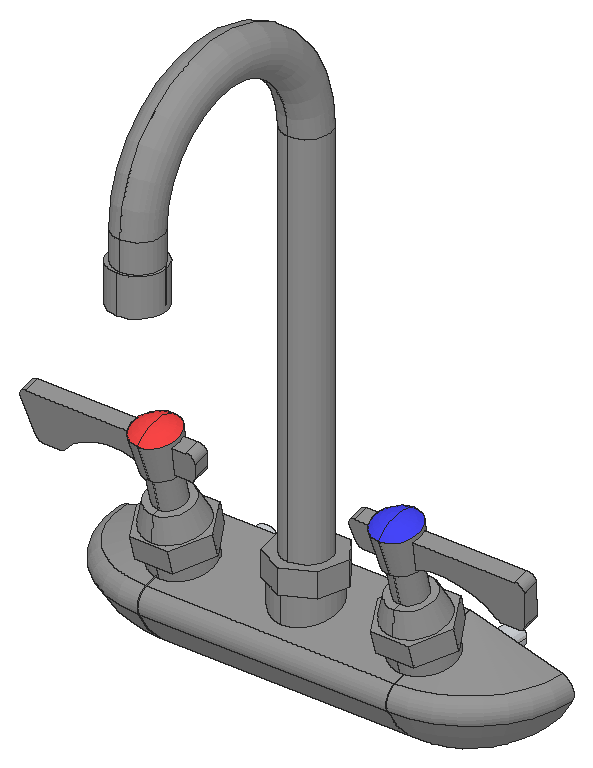
Revit family "Krowne_10-400L_WallMount_Faucet", category Plumbing Fixtures, Revit 2018
Family settings
  Round Connector Dimension = Use Diameter
  Part Type = Normal
  OmniClass Number = 23.40.40.00
  OmniClass Title = Food Service Equipment and Furnishings
  Work Plane-Based = No
  Always vertical = Yes
  Cut with Voids When Loaded = No
  Shared = No
  Room Calculation Point = No
Parameters (values of type "10-400L")
  Width = 8 3/8"
  Weight in Pounds = 5
  Watermarked By = ""
  URL Cutsheet = ""
  URL = "https://krowne.com/"
  Status [instance] = ""
  Specification by User [instance] = ""
  Specification by Manufacturer [instance] = ""
  Serial Number [instance] = ""
  Revision Code [instance] = ""
  Plumbing Remarks [instance] = ""
  Plumbing Connection Type = ""
  NAFEM Spec ID Number [instance] = ""
  Model = "10-400L"
  Masterspec [instance] = ""
  Manufacturer = "Krowne Metal"
  Item Number [instance] = "-"
  Installed By [instance] = ""
  Hot Water Temperature = 100 °F
  Hot Water Size = 1/2"
  Hot Water RI Height [instance] = 0"
  Hot Water Flow = 0 GPM
  Hot Water Connection Height = 0"
  Height = 9"
  Furnished By [instance] = ""
  Foodservice Equipment Identifier = yes
  Description = "Silver Series 4\" Wall Mount Faucet with 3-1/2\" Wide Gooseneck Spout"
  Depth = 3 1/2" + 1 3/4"  # 5 1/4"
  Cold Water Size = 1/2"
  Cold Water RI Height [instance] = 0"
  Cold Water Flow = 0 GPM
  Cold Water Connection Height = 0"
  CSI MasterFormat = ""
  Assembly Code = "E1090300"
Reference planes (in)
  plane 1 "BACK": y = 0
  plane 2: z = 0
  plane 3 "CENTER L/R": x = -12.56573
  plane 4: z = 9
  plane 5: y = -0.80464
  plane 6 "CENTER L/U": x = -14.56573
  plane 7 "CENTER L/V": x = -10.56573
  plane 8: y = -4.30464
  plane 9: z = 5.75
Forms (in)
  Extrusion 1, solid
    sketch origin (-66.12823, 0.125, -27.57892) x (-1, 0, 0) y (0, 0, 1)
      loop
        circle (-51.5, 26.8125) r 0.1875
      loop
        circle (-55.625, 26.8125) r 0.1875
    from 0.82036 to -0.125
  Extrusion 2, solid, material "QF_Steel-Chrome-Polished"
    sketch origin (-0.1875, 0.03211, 0.02284) x (0, 0.965926, 0.258819) y (-1, 0, 0)
      loop
        circle (-0.9375, 14.37823) r 0.5
      loop
        circle (-0.9375, 10.37823) r 0.5
    from -0.12971 to 0.25
  Extrusion 3, solid, material "QF_Steel-Chrome-Polished"
    sketch origin (-0.1875, -0.0326, 0.26433) x (0, 0.965926, 0.258819) y (-1, 0, 0)
      loop
        line (-0.9375, 13.74356) -> (-0.38786, 14.06089) -> (-0.38786, 14.69556) -> (-0.9375, 15.01289) -> (-1.48714, 14.69556) -> (-1.48714, 14.06089) -> (-0.9375, 13.74356)
      loop
        line (-0.9375, 9.74356) -> (-0.38786, 10.06089) -> (-0.38786, 10.69556) -> (-0.9375, 11.01289) -> (-1.48714, 10.69556) -> (-1.48714, 10.06089) -> (-0.9375, 9.74356)
    from 0 to 0.375
  Revolve 4, solid, material "QF_Steel-Chrome-Polished"
    sketch origin (-14.56573, 0.48504, -1.66753) x (0, 0.965926, 0.258819) y (0, -0.258819, 0.965926)
      loop
        line (-0.9375, 2.375) -> (-0.4375, 2.375) -> (-0.5625, 2.75) -> (-0.9375, 2.75) -> (-0.9375, 2.375)
      axis (-0.9375, 2.375) -> (-0.9375, 2.75)
    angle from 0 to 360
  Revolve 5, solid, material "QF_Steel-Chrome-Polished"
    sketch origin (-10.56573, 0.48504, -1.66753) x (0, 0.965926, 0.258819) y (0, -0.258819, 0.965926)
      loop
        line (-0.9375, 2.375) -> (-0.4375, 2.375) -> (-0.5625, 2.75) -> (-0.9375, 2.75) -> (-0.9375, 2.375)
      axis (-0.9375, 2.375) -> (-0.9375, 2.75)
    angle from 0 to 360
  Revolve 6, solid, material "QF_Steel-Chrome-Polished"
    sketch origin (-10.56573, 0.48504, -1.66753) x (0, 0.965926, 0.258819) y (0, -0.258819, 0.965926)
      loop
        line (-0.9375, 2.75) -> (-0.6875, 2.75) -> (-0.6875, 3.3125) -> (-0.9375, 3.3125) -> (-0.9375, 2.75)
      axis (-0.9375, 2.75) -> (-0.9375, 3.3125)
    angle from 0 to 360
  Revolve 7, solid, material "QF_Steel-Chrome-Polished"
    sketch origin (-14.56573, 0.48504, -1.66753) x (0, 0.965926, 0.258819) y (0, -0.258819, 0.965926)
      loop
        line (-0.9375, 2.75) -> (-0.6875, 2.75) -> (-0.6875, 3.3125) -> (-0.9375, 3.3125) -> (-0.9375, 2.75)
      axis (-0.9375, 2.75) -> (-0.9375, 3.3125)
    angle from 0 to 360
  Revolve 8, solid, material "QF_Steel-Chrome-Polished"
    sketch origin (-14.56573, 0.48504, -1.66753) x (0, 0.965926, 0.258819) y (0, -0.258819, 0.965926)
      loop
        line (-0.9375, 3.3125) -> (-0.625, 3.3125) -> (-0.5625, 3.9375) -> (-0.9375, 3.9375) -> (-0.9375, 3.3125)
      axis (-0.9375, 3.3125) -> (-0.9375, 3.9375)
    angle from 0 to 360
  Revolve 9, solid, material "QF_Steel-Chrome-Polished"
    sketch origin (-10.56573, 0.48504, -1.66753) x (0, 0.965926, 0.258819) y (0, -0.258819, 0.965926)
      loop
        line (-0.9375, 3.3125) -> (-0.625, 3.3125) -> (-0.5625, 3.9375) -> (-0.9375, 3.9375) -> (-0.9375, 3.3125)
      axis (-0.9375, 3.3125) -> (-0.9375, 3.9375)
    angle from 0 to 360
  Revolve 10, solid, material "QF_Plastic-Red"
    sketch origin (-14.56573, 0.48504, -1.66753) x (0, 0.965926, 0.258819) y (0, -0.258819, 0.965926)
      loop
        line (-0.9375, 3.9375) -> (-0.5625, 3.9375)
        arc (-0.5625, 3.9375) -> (-0.73829, 4.03513) -> (-0.9375, 4.0625) r 0.54601
        line (-0.9375, 4.0625) -> (-0.9375, 3.9375)
      axis (-0.9375, 3.9375) -> (-0.9375, 4.0625)
    angle from 0 to 360
  Revolve 11, solid, material "QF_Plastic-Blue"
    sketch origin (-10.56573, 0.48504, -1.66753) x (0, 0.965926, 0.258819) y (0, -0.258819, 0.965926)
      loop
        line (-0.9375, 3.9375) -> (-0.5625, 3.9375)
        arc (-0.5625, 3.9375) -> (-0.73829, 4.03513) -> (-0.9375, 4.0625) r 0.54601
        line (-0.9375, 4.0625) -> (-0.9375, 3.9375)
      axis (-0.9375, 3.9375) -> (-0.9375, 4.0625)
    angle from 0 to 360
  Extrusion 12, solid, material "QF_Steel-Chrome-Polished"
    sketch origin (-0.1875, -0.42051, -1.91017) x (1, 0, 0) y (0, -0.258819, 0.965926)
      loop
        arc (-16.43825, 3.875) -> (-16.53492, 3.82925) -> (-16.56082, 3.72549) r 0.125
        line (-16.56082, 3.72549) -> (-16.43584, 3.10053)
        arc (-16.43584, 3.10053) -> (-16.39251, 3.02837) -> (-16.31326, 3.00004) r 0.125
        line (-16.31326, 3.00004) -> (-16.06338, 3.00004)
        arc (-16.06338, 3.00004) -> (-16.01059, 3.01173) -> (-15.96768, 3.04462) r 0.125
        arc (-15.96768, 3.04462) -> (-15.39497, 3.40979) -> (-14.7163, 3.38199) r 1.13354
        arc (-14.7163, 3.38199) -> (-14.69547, 3.37648) -> (-14.674, 3.37462) r 0.125
        line (-14.674, 3.37462) -> (-13.83077, 3.37462)
        arc (-13.83077, 3.37462) -> (-13.75152, 3.40295) -> (-13.7082, 3.47511) r 0.125
        line (-13.7082, 3.47511) -> (-13.65813, 3.72549)
        arc (-13.65813, 3.72549) -> (-13.68403, 3.82925) -> (-13.7807, 3.875) r 0.125
        line (-13.7807, 3.875) -> (-16.43825, 3.875)
      loop
        line (-8.3182, 3.875) -> (-10.97575, 3.875)
        arc (-10.97575, 3.875) -> (-11.07242, 3.82925) -> (-11.09832, 3.72549) r 0.125
        line (-11.09832, 3.72549) -> (-11.04825, 3.47511)
        arc (-11.04825, 3.47511) -> (-11.00493, 3.40295) -> (-10.92568, 3.37462) r 0.125
        line (-10.92568, 3.37462) -> (-10.08245, 3.37462)
        arc (-10.08245, 3.37462) -> (-10.06098, 3.37648) -> (-10.04015, 3.38199) r 0.125
        arc (-10.04015, 3.38199) -> (-9.36148, 3.40979) -> (-8.78877, 3.04462) r 1.13354
        arc (-8.78877, 3.04462) -> (-8.74586, 3.01173) -> (-8.69307, 3.00004) r 0.125
        line (-8.69307, 3.00004) -> (-8.44319, 3.00004)
        arc (-8.44319, 3.00004) -> (-8.36394, 3.02837) -> (-8.32061, 3.10053) r 0.125
        line (-8.32061, 3.10053) -> (-8.19563, 3.72549)
        arc (-8.19563, 3.72549) -> (-8.22153, 3.82925) -> (-8.3182, 3.875) r 0.125
    from -0.125 to 0.125
  Extrusion 13, solid, material "QF_Steel-Chrome-Polished"
    sketch origin (-20.56573, 2, -35.48517) x (0, 1, 0) y (0, 0, 1)
      loop
        arc (-3.54731, 35.08481) -> (-3.71225, 34.94214) -> (-3.70244, 34.72428) r 0.25
        arc (-3.70244, 34.72428) -> (-2.9899, 33.99481) -> (-2, 33.75) r 1.86216
        line (-2, 33.75) -> (-2, 35.49941) -> (-3.54731, 35.08481)
    from 5.9375 to 10.0625
  Revolve 14, solid, material "QF_Steel-Chrome-Polished"
    sketch origin (-14.62823, 2, -35.48517) x (0, 1, 0) y (0, 0, 1)
      loop
        line (-2, 35.49941) -> (-3.54731, 35.08481)
        arc (-3.54731, 35.08481) -> (-3.71225, 34.94214) -> (-3.70244, 34.72428) r 0.25
        arc (-3.70244, 34.72428) -> (-2.9899, 33.99481) -> (-2, 33.75) r 1.86216
        line (-2, 33.75) -> (-2, 35.49941)
      axis (-2, 33.75) -> (-2, 35.49941)
    angle from 0 to 90
  Revolve 15, solid, material "QF_Steel-Chrome-Polished"
    sketch origin (-10.50323, 2, -35.48517) x (0, 1, 0) y (0, 0, -1)
      loop
        line (-2, -35.49941) -> (-2, -33.75)
        arc (-2, -33.75) -> (-2.9899, -33.99481) -> (-3.70244, -34.72428) r 1.86216
        arc (-3.70244, -34.72428) -> (-3.71225, -34.94214) -> (-3.54731, -35.08481) r 0.25
        line (-3.54731, -35.08481) -> (-2, -35.49941)
      axis (-2, -33.75) -> (-2, -35.49941)
    angle from 0 to 90
  Extrusion 16, solid, material "QF_Steel-Chrome-Polished"
    sketch origin (-12.56573, -1.96629, 0) x (1, 0, 0) y (0, 1, 0)
      loop
        line (-0.26533, 1.74289) -> (-0.59619, 1.328) -> (-0.4781, 0.81065) -> (0, 0.58041) -> (0.4781, 0.81065) -> (0.59619, 1.328) -> (0.26533, 1.74289) -> (-0.26533, 1.74289)
    from 0.124 to 0.524
  Revolve 17, solid, material "QF_Steel-Chrome-Polished"
    sketch origin (-12.56573, -2, -0.79505) x (0, 1, 0) y (0, 0, 1)
      loop
        line (1.19193, 0.91905) -> (0.67143, 0.91905) -> (0.67143, 0.33238) -> (1.19193, 0.33238) -> (1.19193, 0.91905)
      axis (1.19193, 0.91905) -> (1.19193, 0.33238)
    angle from 0 to 360
  Sweep 18, solid, material "QF_Steel-Chrome-Polished"
    path origin (-12.56573, 0.13286, -0.5385) x (0, 1, 0) y (0, 0, 1)
      loop
        line (-0.9375, 1.0625) -> (-0.9375, 7.38688)
        arc (-0.9375, 7.38688) -> (-2.6875, 9.13688) -> (-4.4375, 7.38688) r 1.75
        line (-4.4375, 7.38688) -> (-4.4375, 6.2885)
    profile origin (-12.56573, -0.80464, 3.68619) x (0, -1, 0) y (1, 0, 0)
      loop
        circle (0, 0) r 0.375
  Extrusion 19, solid, material "QF_Steel-Chrome-Polished"
    sketch origin (-12.56573, -4.30464, 5.75) x (0, -1, 0) y (-1, 0, 0)
      loop
        circle (0, 0) r 0.4375
    from 0 to -0.625
Lines and regions (in)
  symbolic lines
    curve 1: arc (-12.56573, -4.74214, 18.5) -> (-12.16149, -4.47196, 18.5) -> (-12.25652, -3.99512, 18.5) r 0.4375
    curve 2: arc (-12.88152, -4.00185, 18.5) -> (-12.96814, -4.4763, 18.5) -> (-12.56573, -4.74214, 18.5) r 0.4375
    curve 3: line (-12.88152, -0.6875, 18.5) -> (-12.88152, -4.00185, 18.5)
    curve 4: line (-12.25652, -0.6875, 18.5) -> (-12.25652, -3.99512, 18.5)
    curve 5: line (-8.70693, 0, 30) -> (-16.42452, 0, 30)
    curve 6: arc (-12.25652, -1.23066, 18.5) -> (-11.96153, -0.52758, 18.5) -> (-12.56573, -0.0625, 18.5) r 0.625
    curve 7: arc (-12.56573, -0.0625, 18.5) -> (-13.16893, -0.5239, 18.5) -> (-12.88152, -1.22685, 18.5) r 0.625
    curve 8: arc (-12.88152, -0.6875, 18.5) -> (-12.79, -0.46653, 18.5) -> (-12.56902, -0.375, 18.5) r 0.3125
    curve 9: arc (-12.56902, -0.375, 18.5) -> (-12.34805, -0.46653, 18.5) -> (-12.25652, -0.6875, 18.5) r 0.3125
    curve 10: line (-16.94073, -0.8125, 18.5) -> (-13.81573, -0.8125, 18.5)
    curve 11: line (-13.81573, -1.125, 18.5) -> (-16.94073, -1.125, 18.5)
    curve 12: line (-16.94073, -1.125, 18.5) -> (-16.94073, -0.8125, 18.5)
    curve 13: line (-13.81573, -1.125, 18.5) -> (-13.81573, -0.8125, 18.5)
    curve 14: arc (-14.98178, -1.125, 18.5) -> (-14.62823, -1.25, 18.5) -> (-14.27467, -1.125, 18.5) r 0.5625
    curve 15: arc (-14.07979, -0.8125, 18.5) -> (-14.62823, -0.125, 18.5) -> (-15.17666, -0.8125, 18.5) r 0.5625
    curve 16: arc (-10.85678, -1.125, 18.5) -> (-10.50323, -1.25, 18.5) -> (-10.14967, -1.125, 18.5) r 0.5625
    curve 17: arc (-9.95479, -0.8125, 18.5) -> (-10.50323, -0.125, 18.5) -> (-11.05166, -0.8125, 18.5) r 0.5625
    curve 18: line (-11.31573, -0.8125, 18.5) -> (-11.31573, -1.125, 18.5)
    curve 19: line (-11.31573, -0.8125, 18.5) -> (-8.19073, -0.8125, 18.5)
    curve 20: line (-8.19073, -1.125, 18.5) -> (-11.31573, -1.125, 18.5)
    curve 21: line (-8.19073, -1.125, 18.5) -> (-8.19073, -0.8125, 18.5)
    curve 22: line (-14.69657, -1.72795, 30) -> (-12.88152, -1.72795, 30)
    curve 23: arc (-14.69657, -1.72795, 30) -> (-15.41833, -1.56999, 30) -> (-16.00813, -1.125, 30) r 1.72795
    curve 24: arc (-16.3506, -0.5, 30) -> (-16.40594, -0.25272, 30) -> (-16.42452, 0, 30) r 1.72795
    curve 25: line (-10.43488, -1.72795, 30) -> (-12.24993, -1.72795, 30)
    curve 26: arc (-10.43488, -1.72795, 30) -> (-9.71312, -1.56999, 30) -> (-9.12332, -1.125, 30) r 1.72795
    curve 27: arc (-8.78085, -0.5, 30) -> (-8.72551, -0.25272, 30) -> (-8.70693, 0, 30) r 1.72795
    curve 28: arc (-8.90987, -0.8125, 30) -> (-8.8377, -0.65941, 30) -> (-8.78085, -0.5, 30) r 1.72795
    curve 29: arc (-16.22158, -0.8125, 30) -> (-16.29375, -0.65941, 30) -> (-16.3506, -0.5, 30) r 1.72795
Dimensions and locks (in)
  plane 5 to plane 1 "BACK" = 0.80464"  (x2)
  plane 4 to level = 9"  (x3)
  plane 9 to level = 5 3/4"
  plane 8 to plane 5 = 3 1/2"
  Extrusion 1 to plane 5 = 1 3/4"
  plane 5 to plane 8 = 3 1/2"
  aligned and locked: level to plane 2
Connectors (in)
  piping at (-10.50323, 0.94536, -0.76642), diameter 0.5, driven by "Cold Water Flow"
    settings: on Extrusion 1, index 4, connector inside diameter 1/2", connector length 0", flow factor 0, pipe flow 0 GPM, pressure drop 0.00 psi, fitting loss kfactor 0, connector angle 0.00°, fixture units 0, engagement length 0", angle of deflection 0.00°, flow configuration 1, flow direction 1, fitting loss method 0, system type 20, joint type 0, gender type 0, connector reference index -1, connector utility 0, adjustable connector no, is connector primary yes, connector description ""
  piping at (-14.62823, 0.94536, -0.76642), diameter 0.5, driven by "Hot Water Flow"
    settings: on Extrusion 1, index 5, connector inside diameter 1/2", connector length 0", flow factor 0, pipe flow 0 GPM, pressure drop 0.00 psi, fitting loss kfactor 0, connector angle 0.00°, fixture units 0, engagement length 0", angle of deflection 0.00°, flow configuration 1, flow direction 1, fitting loss method 0, system type 19, joint type 0, gender type 0, connector reference index -1, connector utility 0, adjustable connector no, is connector primary no, connector description ""
